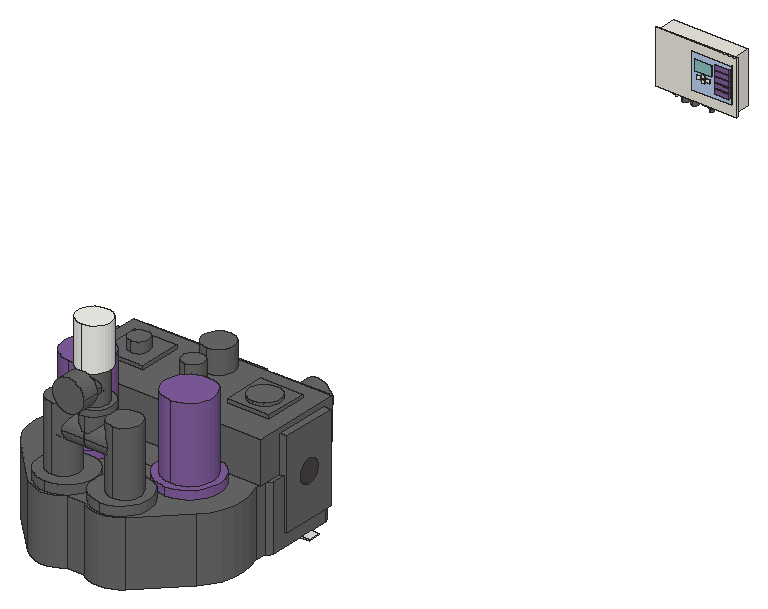
Revit family "11608", category Generic Models, Revit 2021 (continued)
Definition of nested family "11608_part2_X0Y0"
  Definition of nested family "11608_part2_content"
    Forms (mm)
      Extrusion 30, solid, detail levels medium+fine
        sketch origin (230, 89.99, 81.07) x (-1, 0, 0) y (0, 0, 1)
          loop
            circle (0, 0) r 20
        from 0 to 75
      Extrusion 31, solid, detail levels medium+fine
        sketch origin (-330.3, 64.5, 56) x (0, 1, 0) y (0, 0, 1)
          loop
            line (0, 315) -> (0, 0) -> (25.5, 0) -> (25.5, 315) -> (0, 315)
        from 0 to 200
      Extrusion 32, solid, detail levels medium+fine
        sketch origin (-230.25, 89.99, 214) x (1, 0, 0) y (0, 0, -1)
          loop
            circle (0, 0) r 40
        from 0 to 1.5
      Extrusion 33, solid, detail levels medium+fine
        sketch origin (361.5, -175, 56) x (0, 1, 0) y (0, 0, 1)
          loop
            line (0, 315) -> (0, 0) -> (200, 0) -> (200, 315) -> (0, 315)
        from 0 to 28.5
      Extrusion 34, solid, detail levels medium+fine
        sketch origin (390, -74.999, 214) x (0, -1, 0) y (0, 0, -1)
          loop
            circle (0, 0) r 40
        from 0 to 1.5
      Extrusion 35, solid, detail levels medium+fine
        sketch origin (-390, -175, 56) x (0, 1, 0) y (0, 0, 1)
          loop
            line (0, 315) -> (0, 0) -> (200, 0) -> (200, 315) -> (0, 315)
        from 0 to 29.5
      Extrusion 36, solid, detail levels medium+fine
        sketch origin (-390, -75, 214) x (0, 1, 0) y (0, 0, -1)
          loop
            circle (0, 0) r 40
        from 0 to 1.5
      Extrusion 37, solid, detail levels medium+fine
        sketch origin (-378.5, -52.33, 0) x (0, -1, 0) y (0, 0, 1)
          loop
            line (0, 5) -> (0, 0) -> (45, 0) -> (45, 5) -> (0, 5)
        from 0 to 31.5
      Extrusion 38, solid, detail levels medium+fine
        sketch origin (377.3, -97.33, 0) x (0, 1, 0) y (0, 0, 1)
          loop
            line (0, 5) -> (0, 0) -> (45, 0) -> (45, 5) -> (0, 5)
        from 0 to 32.5
      Extrusion 39, solid, detail levels coarse
        sketch origin (-0.1, -260.505, 0) x (1, 0, 0) y (0, 1, 0)
          loop
            line (-409.9, -425.495) -> (409.9, -425.495) -> (409.9, 425.495) -> (-409.9, 425.495) -> (-409.9, -425.495)
        from 0 to 799
    Dimensions and locks
      aligned and locked: level to plane 2
